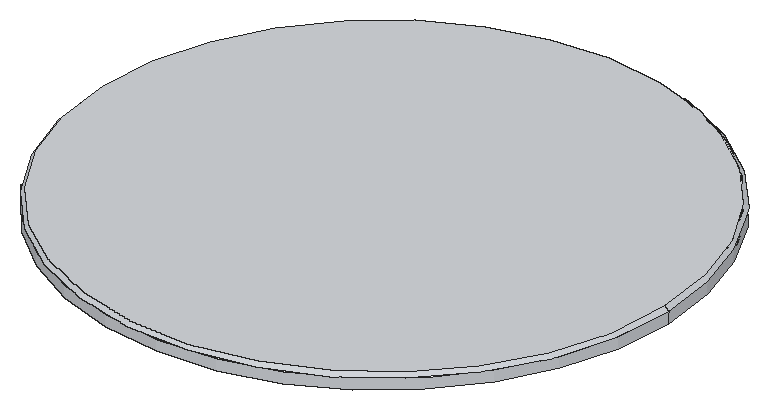
Revit family "J2 PET Felt Circle Tile", category Generic Models, host Face, Revit 2022
Family settings
  Host = Face
  Can host rebar = No
  Round Connector Dimension = Use Diameter
  Part Type = Normal
  Cut with Voids When Loaded = No
  Maintain Annotation Orientation = No
  Shared = No
  Room Calculation Point = No
Parameters
  URL = "https://www.j2systems.net/"
  Symbol Name = "FTCR12"  # constant formula
  Style Number = "FTCR12"  # constant formula
  Release Date = "2019"  # constant formula
  Product Line = "Tile"  # constant formula
  Model = "Circle"  # constant formula
  Manufacturer = "J2 Systems"  # constant formula
  Felt color = none
  Default Elevation = 4' - 0"
  Beveled edges = yes
Reference planes (in)
  plane 1 "Center (Front/Back)": y = 0
  plane 2: z = 0
  plane 3 "Center (Left/Right)": x = 0
Forms (in)
  Extrusion 1, solid, material <- "Felt color"
    sketch origin (0, 0, 0) x (1, 0, 0) y (0, 1, 0)
      loop
        circle (0, 0) r 10
    from 0 to 0.5
  Sweep 2, void
    path origin (0, 0, 0) x (1, 0, 0) y (0, 1, 0)
      loop
        circle (0, 0) r 10
    profile origin (0, 10, 0) x (0, -1, 0) y (0, 0, 1)
      loop
        line (0, 0.5) -> (0, 0.375) -> (0.125, 0.5) -> (0, 0.5)
Cuts and joins
  Sweep 2 cuts Extrusion 1
Dimensions and locks (in)
  aligned and locked: plane 2 to host face
  aligned and locked: level to host face
